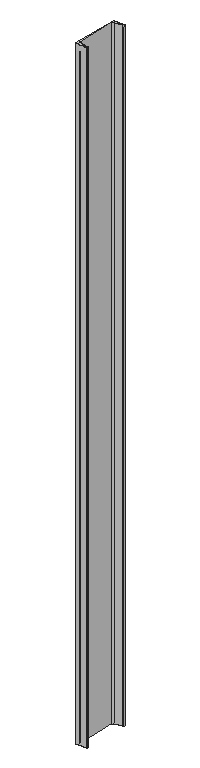
Revit family "af3d749d62654d759f7721c1f02c09f3", category Structural Columns, Revit 2021
Family settings
  Section Shape = C-channel Sloped Flange
  Material for Model Behavior = Steel
  Always export as geometry = No
  Beam cutback in plan = From bounding box
  Family Name Key = MC Shapes-Column
  Code Name = AISC 14.1
  OmniClass Number = 23.25.30.11.14.11
  OmniClass Title = Columns
  Seek Item ID = MC Shapes-Column-0000-USA-ENU
  Cut with Voids When Loaded = No
  Symbolic Representation = From Project Settings
  Shared = No
  Show family pre-cut in plan views = Yes
Parameters (values of type "MC8X8.5")
  Width = 0' - 1.87"
  Web Thickness = 0' - 0.179"
  Web Fillet = 0.3110"
  Warping Constant = 8.21 in⁶
  Torsional Moment of Inertia = 0.0587 in⁴
  Structural Material [instance] = Steel ASTM A36
  Sloped Flange Angle = 9.46234°
  Section Name Key = ""
  Section Area = 2.50 in²
  Principal Axes Angle = 0.00°
  Plastic Modulus weak axis = 0.875 in³
  Plastic Modulus strong axis = 6.950 in³
  Nominal Weight = 8.50 lbf/ft
  Moment of Inertia weak axis = 0.6240 in⁴
  Moment of Inertia strong axis = 23.3000 in⁴
  Height = 0' - 8"
  Flange Thickness Location = 0.8455"
  Flange Thickness = 0' - 0.311"
  Flange Fillet = 0.1555"
  Elastic Modulus weak axis = 0.431 in³
  Elastic Modulus strong axis = 5.820 in³
  Centroid Vertical = Height / 2  # 4.0000"
  Centroid Horizontal = 0' - 0.428"
  Bolt Spacing = 0' - 1 1/8"
  Assembly Code = "B10"
Reference planes (in)
  plane 1: y = 0
  plane 2: z = 0
  plane 3: x = 0
  plane 4: x = 1.442
  plane 5: x = -0.428
  plane 6: x = -0.249
  plane 7: x = 1.131
  plane 8: y = 4
  plane 9: y = -4
Forms (in)
  Sweep 1, solid, material "Steel ASTM A36" <- "Structural Material", detail levels fine
    path origin (0, 0, 0) x (1, 0, 0) y (0, 0, 1)
      loop
        line (0, 108) -> (0, 0)
    profile "C-Shape-Profile-Fine : C-Shape-Profile-Fine" origin (0, 0, 54) x (1, 0, 0) y (0, -1, 0)
      loop
        line (1.442, 4) -> (-0.428, 4) -> (-0.428, -4) -> (1.442, -4) -> (1.442, -3.96165)
        arc (1.442, -3.96165) -> (1.40515, -3.86113) -> (1.31206, -3.80826) r 0.1555
        line (1.31206, -3.80826) -> (0.5965, -3.689) -> (0.01087, -3.5914)
        arc (0.01087, -3.5914) -> (-0.1753, -3.48565) -> (-0.249, -3.28463) r 0.311
        line (-0.249, -3.28463) -> (-0.249, 3.28463)
        arc (-0.249, 3.28463) -> (-0.1753, 3.48565) -> (0.01087, 3.5914) r 0.311
        line (0.01087, 3.5914) -> (0.5965, 3.689) -> (1.31206, 3.80826)
        arc (1.31206, 3.80826) -> (1.40515, 3.86113) -> (1.442, 3.96165) r 0.1555
        line (1.442, 3.96165) -> (1.442, 4)
  Sweep 2, solid, material "Steel ASTM A36" <- "Structural Material", detail levels medium
    path origin (0, 0, 0) x (1, 0, 0) y (0, 0, 1)
      loop
        line (0, 108) -> (0, 0)
    profile "C-Shape-Profile-Medium : C-Shape-Profile-Medium" origin (0, 0, 54) x (1, 0, 0) y (0, -1, 0)
      loop
        line (1.442, 4) -> (-0.428, 4) -> (-0.428, -4) -> (1.442, -4) -> (1.442, -3.82992) -> (0.5965, -3.689) -> (-0.249, -3.54808) -> (-0.249, 3.54808) -> (0.5965, 3.689) -> (1.442, 3.82992) -> (1.442, 4)
Lines and regions (in)
  symbolic lines, style "StructuralColumnStickSymbols", detail levels coarse
    curve 1: line (-0.428, 4, 0) -> (1.442, 4, 0)
    curve 2: line (-0.428, -4, 0) -> (1.442, -4, 0)
    curve 3: line (-0.428, 4, 0) -> (-0.428, -4, 0)
  symbolic lines, style "Hidden Faces", detail levels medium+fine
    curve 4: line (-0.249, 0, 108) -> (-0.249, 0, 0)
    curve 5: line (-0.674, 3.82992, 0) -> (-0.674, 3.82992, 108)
    curve 6: line (-0.674, -3.82992, 0) -> (-0.674, -3.82992, 108)
Dimensions and locks (in)
  "Width": plane 5 to plane 4
  "Web Thickness": plane 5 to plane 6
  "Flange Thickness": plane 7 to plane 4
  "Centroid Horizontal": plane 5 to plane 3
  "Height": plane 8 to plane 9
  equal spacing: plane 8, plane 1, plane 9
  aligned and locked: level to plane 2
  aligned and locked: plane 5 to curve 2
  aligned and locked: plane 5 to curve 1
  aligned and locked: plane 4 to curve 2
  aligned and locked: plane 4 to curve 1
  aligned and locked: level to curve 4  (x2)
  aligned and locked: plane 6 to curve 4
  aligned and locked: level to curve 5
  aligned and locked: level to curve 6
  aligned and locked: plane 2 to curve 5
  aligned and locked: plane 2 to curve 6
  aligned and locked: level to Sweep 1 sketch curve  (x2)
  aligned and locked: Sweep 1 sketch curve to plane 3
  aligned and locked: level to Sweep 2 sketch curve  (x2)
  aligned and locked: Sweep 2 sketch curve to plane 3
  aligned and locked: curve 1 to plane 8
  aligned and locked: curve 2 to plane 9
  aligned and locked: curve 6 to Sweep 2
  aligned and locked: curve 5 to Sweep 2
